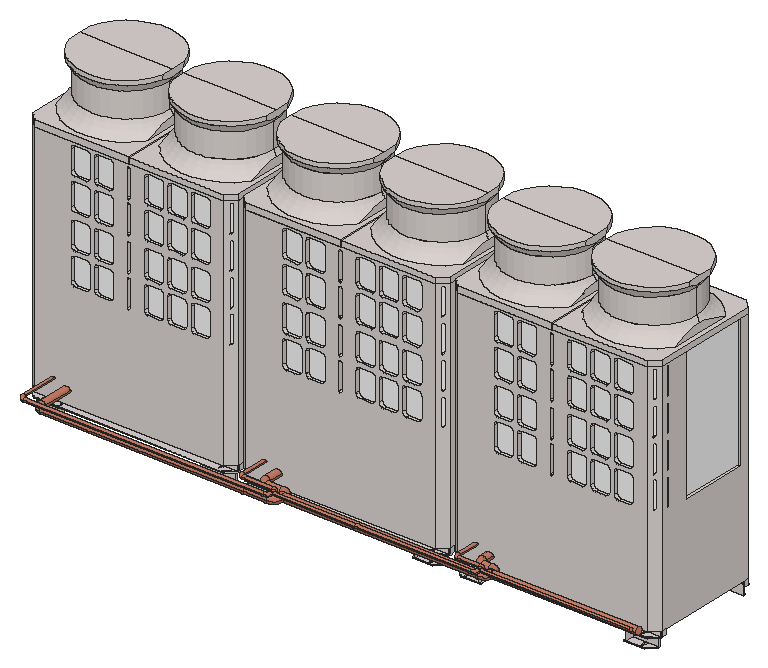
Revit family "PUHY-EP1300YSNW-A1", category 機械設備, Revit 2016
Family settings
  パーツ タイプ = 標準
  丸型コネクタ寸法 = 半径を使用
  OmniClass 番号 = 23.75.00.00
  OmniClass タイトル = Climate Control (HVAC)
  作業面に基づく = いいえ
  常に垂直 = はい
  ロード時にボイドで切り取り = いいえ
  共有 = いいえ
  部屋の計算ポイント = いいえ
Parameters (values of type "PUHY-EP1300YSNW-A1_415V_60Hz")
  Temp. range of cooling (Outdoor temp.) (D.B.) = "-5.0 to 52.0"
  Temp. range of cooling (Indoor temp.) (W.B.) = "15.0 to 24.0"
  Sound Pressure Level (dB(A)) Heating mode = 73.5
  Sound Pressure Level (dB(A)) Cooling mode = 70
  モデル = "PUHY-EP1300YSNW-A1"
  Width = 3780.000 mm
  WarrantyStart = ""
  Voltage = 415 V
  Unit Weight (kg) = 909
  URL = "http://www.mitsubishielectric.com/"
  Temp. range of heating (Outdoor temp.) (W.B.) = "-20.0 to 15.5"
  Temp. range of heating (Indoor temp.) (D.B.) = "15.0 to 27.0"
  TagNumber = 0
  Subcategory = "HVAC"
  Space View = yes
  SerialNumber = 0
  ReplacementYear = ""
  Refrigerant type = "R410A"
  Refrigerant Charge (kg) = 32.4
  Protection Devices_Inverter circuit (COMP./FAN) = "Over-current protection"
  Protection Devices_High pressure (MPa) = "High pressure sensor, High pressure switch at 4.15"
  Phase = 3
  製造元 = "Mitsubishi Electric Corporation"
  Outdoor unit 3 Breaker size (A) = 60
  Outdoor unit 3 = PUHY-EP400YNW-A1 : PUHY-EP400YNW-A1
  Outdoor unit 2 Breaker size (A) = 60
  Outdoor unit 2 = PUHY-EP450YNW-A1 : PUHY-EP450YNW-A1
  Outdoor unit 1 Breaker size (A) = 60
  Outdoor unit 1 = PUHY-EP450YNW-A1 : PUHY-EP450YNW-A1
  Note_1 = "Refrigerant pipe diameters may change depending on the installation condition. Please refer to the installation manual."
  Maximum Circuit Ampacity (A) = 95.6
  Liquid pipe_radius = 9.525 mm
  InstallationDate = ""
  Indoor Unit Total Capacity = "50 to 130% of outdoor unit capacity"
  Indoor Unit Model/Quantity = "P10 to P250/3 to 50"
  Hertz = 60 Hz
  Height = 1858.000 mm
  Heating SCOP (kW/kW) = 4.16
  Heating Rated Load Ampacity (A) = 62.9
  Heating Power Input (kW) = 40.75
  Heating Power Input (Nominal) (kW) = 34.11
  Heating Current Input (Nominal) (A) = 52.7
  Heating Current Input (A) = 62.9
  Heating Capacity (kW) = 163
  Heating Capacity (Nominal) (kW) = 146
  Heating COP (kW/kW) = 4
  Heating COP (Nominal) (kW/kW) = 4.28
  Gas pipe_radius = 20.640 mm
  Fan_Type = "Propeller Fan"
  Fan_Quantity = 6
  Fan Motor Output (kW) = 2.76
  External static pressure (Pa) = 0
  External Finish = "Pre-coated galvanized steel sheets (+powder coating for -BS type) <MUNSELL 3Y 7.8/1.1 or similar>"
  Equip_description = ""
  Equip_No. = 0
  Equip_ID = ""
  Description = ""
  Depth = 740.000 mm
  CreatedOn = ""
  CreatedBy = ""
  Cooling SEER (kW/kW) = 6.9
  Cooling Rated Load Ampacity (A) = 64.4
  Cooling Power Input (kW) = 41.71
  Cooling EER (kW/kW) = 3.5
  Cooling Current Input (A) = 64.4
  Cooling Capacity (kW) = 146
  Compressor_Type = "Inverter scroll hermetic compressor"
  Compressor_Quantity = 3
  Compressor_Lubricant = "MEL32"
  Compressor Motor Output (kW) = 32
  Category = ""
  Barcode = ""
  AssetIdentifier = ""
  Airflow Rate (m3/min) = 880
  Airflow Rate (m3/h) = 52800
Reference planes
  plane 1 "Center (Front/Back)": y = 0
  plane 2: z = 0
  plane 3 "Center (Left/Right)": x = 0
  plane 4: y = 370
  plane 5 "front": y = -370
  plane 6: x = -1890
  plane 7: x = 1890
  plane 8: x = -620
  plane 9: x = 620
  plane 10: x = -650
  plane 11: x = 650
  plane 12: y = 370
  plane 13: y = -370
  plane 14: z = 1858
  plane 15: x = -1647
  plane 16: x = -1730.603
  plane 17: x = -377
  plane 18: x = -460
  plane 19: x = 893
  plane 20: x = 810
Forms (mm)
  Sweep 1, solid, material "Copper"
    path origin (-51.563, 17.925, 207.255) x (0, -1, 0) y (1, 0, 0)
      loop
        line (380, -1679.039) -> (605, -1679.039)
        arc (605, -1679.039) -> (626.213, -1670.253) -> (635, -1649.039) r 30
        line (635, -1649.039) -> (635, -208.337)
        arc (635, -208.337) -> (629.142, -194.195) -> (615, -188.337) r 20
        line (615, -188.337) -> (590, -188.337)
        arc (590, -188.337) -> (575.858, -194.195) -> (570, -208.337) r 20
        line (570, -208.337) -> (570, -388.437)
        arc (570, -388.437) -> (564.142, -402.579) -> (550, -408.437) r 20
        line (550, -408.437) -> (380, -408.437)
    profile origin (-1730.603, -474.575, 207.255) x (1, 0, 0) y (0, 0, 1)
      loop
        circle (0, 0) r 9.525
  Sweep 2, solid, material "Copper"
    path origin (-48.859, 17.925, 173.255) x (-1, 0, 0) y (0, -1, 0)
      loop
        line (1598.141, 380) -> (1598.141, 575)
        arc (1598.141, 575) -> (1587.889, 599.749) -> (1563.141, 610) r 35
        line (1563.141, 610) -> (342, 610) -> (204.723, 610)
        arc (204.723, 610) -> (179.974, 599.749) -> (169.723, 575) r 35
        line (169.723, 575) -> (169.723, 545)
        arc (169.723, 545) -> (179.974, 520.251) -> (204.723, 510) r 35
        line (204.723, 510) -> (293.141, 510)
        arc (293.141, 510) -> (317.889, 499.749) -> (328.141, 475) r 35
        line (328.141, 475) -> (328.141, 380)
    profile origin (-1647, -459.575, 173.255) x (1, 0, 0) y (0, 0, 1)
      loop
        circle (0, 0) r 20.64
  Sweep 3, solid, material "Copper"
    path origin (214.685, 17.925, 207.255) x (0, -1, 0) y (1, 0, 0)
      loop
        line (605, -448.702) -> (605, 51.298) -> (605, 745.315)
        arc (605, 745.315) -> (599.142, 759.457) -> (585, 765.315) r 20
        line (585, 765.315) -> (560.96, 765.315)
        arc (560.96, 765.315) -> (546.818, 759.457) -> (540.96, 745.315) r 20
        line (540.96, 745.315) -> (540.96, 615.315)
        arc (540.96, 615.315) -> (535.102, 601.172) -> (520.96, 595.315) r 20
        line (520.96, 595.315) -> (380, 595.315)
    profile origin (15.984, -587.075, 207.255) x (0, 1, 0) y (0, 0, 1)
      loop
        circle (0, 0) r 9.525
  Sweep 4, solid, material "Copper"
    path origin (188.125, 17.925, 173.255) x (-1, 0, 0) y (0, -1, 0)
      loop
        line (395.125, 555.96) -> (-784.875, 555.96)
        arc (-784.875, 555.96) -> (-809.623, 545.709) -> (-819.875, 520.96) r 35
        line (-819.875, 520.96) -> (-819.875, 510)
        arc (-819.875, 510) -> (-809.623, 485.251) -> (-784.875, 475) r 35
        line (-784.875, 475) -> (-739.875, 475)
        arc (-739.875, 475) -> (-715.126, 464.749) -> (-704.875, 440) r 35
        line (-704.875, 440) -> (-704.875, 380)
    profile origin (383, -538.035, 173.255) x (0, 1, 0) y (0, 0, 1)
      loop
        circle (0, 0) r 20.64
  Sweep 5, solid, material "Copper"
    path origin (114.685, 17.925, 207.255) x (0, -1, 0) y (1, 0, 0)
      loop
        line (572.806, 870.315) -> (572.806, 1775.315)
    profile origin (1437.5, -554.881, 207.255) x (0, 1, 0) y (0, 0, 1)
      loop
        circle (0, 0) r 9.525
  Sweep 6, solid, material "Copper"
    path origin (88.125, 17.925, 173.255) x (-1, 0, 0) y (0, -1, 0)
      loop
        line (-921.875, 515.995) -> (-1801.875, 515.995)
    profile origin (1450, -498.07, 173.255) x (0, 1, 0) y (0, 0, 1)
      loop
        circle (0, 0) r 20.64
Dimensions and locks
  nested 2 to nested 1 = 30.000 mm
  nested 1 to nested 1 = 1240.000 mm
  nested 2 to nested 2 = 1240.000 mm
  plane 6 to plane 3 "Center (Left/Right)" to plane 7 = 1890.000 mm, 1890.000 mm
  "Liquid pipe_radius": radius of Sweep 5 sketch curve
  "Gas pipe_radius": radius of Sweep 6 sketch curve
  aligned and locked: level to plane 2
Automatic sketch dimensions
  Sweep 1 sketch curve to plane 5 "front" = 7.925 mm  (x2)
  plane 5 "front" to Sweep 1 sketch curve = 162.075 mm
  Sweep 1 sketch curve to plane 3 "Center (Left/Right)" = 259.900 mm
  Sweep 1 sketch curve to Sweep 1 sketch curve = 20.000 mm
  Sweep 1 sketch curve to plane 3 "Center (Left/Right)" = 239.900 mm
  plane 5 "front" to Sweep 1 sketch curve = 217.075 mm
  Sweep 1 sketch curve to Sweep 1 sketch curve = 25.000 mm
  Sweep 1 sketch curve to Sweep 1 sketch curve = 30.000 mm
  Sweep 1 sketch curve to plane 3 "Center (Left/Right)" = 440.000 mm
  profile plane to Sweep 1 sketch curve = 0.000 mm
  Sweep 1 sketch curve to profile plane = 0.000 mm
  Sweep 2 sketch curve to plane 3 "Center (Left/Right)" = 218.582 mm
  Sweep 2 sketch curve to plane 3 "Center (Left/Right)" = 253.582 mm  (x2)
  Sweep 2 sketch curve to plane 3 "Center (Left/Right)" = 342.000 mm
  Sweep 2 sketch curve to plane 3 "Center (Left/Right)" = 390.859 mm
  Sweep 2 sketch curve to Sweep 2 sketch curve = 35.000 mm  (x2)
  plane 5 "front" to Sweep 2 sketch curve = 222.075 mm
  Sweep 2 sketch curve to Sweep 2 sketch curve = 30.000 mm
  Sweep 2 sketch curve to plane 5 "front" = 7.925 mm  (x2)
  profile plane to Sweep 2 sketch curve = 0.000 mm
  Sweep 2 sketch curve to profile plane = 0.000 mm
  Sweep 3 sketch curve to profile plane = 0.000 mm  (x2)
  Sweep 4 sketch curve to profile plane = 0.000 mm  (x2)
  Sweep 1 sketch curve to Sweep 1 sketch curve = 1240.603 mm
  Sweep 2 sketch curve to Sweep 2 sketch curve = 1235.000 mm
  Sweep 3 sketch curve to plane 20 = 0.000 mm
  Sweep 3 sketch curve to plane 5 "front" = 7.925 mm
  plane 20 to Sweep 3 sketch curve = 20.000 mm
  plane 5 "front" to Sweep 3 sketch curve = 133.035 mm
  Sweep 3 sketch curve to Sweep 3 sketch curve = 20.000 mm
  Sweep 3 sketch curve to Sweep 3 sketch curve = 24.040 mm
  plane 5 "front" to Sweep 3 sketch curve = 217.075 mm
  plane 3 "Center (Left/Right)" to Sweep 3 sketch curve = 265.984 mm
  plane 17 to Sweep 3 sketch curve = 142.984 mm
  plane 19 to Sweep 3 sketch curve = 67.000 mm
  Sweep 4 sketch curve to plane 19 = 0.000 mm
  plane 19 to Sweep 4 sketch curve = 35.000 mm
  Sweep 4 sketch curve to Sweep 4 sketch curve = 45.000 mm
  Sweep 4 sketch curve to Sweep 4 sketch curve = 0.000 mm
  Sweep 4 sketch curve to Sweep 4 sketch curve = 35.000 mm
  plane 17 to Sweep 4 sketch curve = 170.000 mm
  Sweep 4 sketch curve to plane 5 "front" = 7.925 mm
  plane 5 "front" to Sweep 4 sketch curve = 52.075 mm
  Sweep 4 sketch curve to Sweep 4 sketch curve = 10.960 mm
  Sweep 6 sketch curve to plane 7 = 0.000 mm
  plane 19 to Sweep 6 sketch curve = 117.000 mm
  plane 5 "front" to Sweep 6 sketch curve = 128.070 mm
  Sweep 5 sketch curve to plane 7 = 0.000 mm
  plane 5 "front" to Sweep 5 sketch curve = 184.881 mm
  plane 19 to Sweep 5 sketch curve = 92.000 mm
  Sweep 5 sketch curve to profile plane = 0.000 mm  (x2)
  Sweep 6 sketch curve to profile plane = 0.000 mm  (x2)
  radius of Sweep 1 sketch curve = 9.525 mm
  radius of Sweep 2 sketch curve = 20.640 mm
  radius of Sweep 3 sketch curve = 9.525 mm
  radius of Sweep 4 sketch curve = 20.640 mm
Nested families
  nested 1: "PUHY-EP450YNW-A1" at (0, 0, 0), type <- "Outdoor unit 2", type "PUHY-EP450YNW-A1"
  nested 2: "PUHY-EP450YNW-A1" at (-1270, 0, 0), type <- "Outdoor unit 1", type "PUHY-EP450YNW-A1"
  nested 3: "PUHY-EP400YNW-A1" at (1270, 0, 0), type <- "Outdoor unit 3", type "PUHY-EP400YNW-A1"
Connectors
  piping at (1890, -498.07, 173.255), diameter 41.28, driven by "Gas pipe_radius"
    settings: on Sweep 6, index 1, connector inside diameter 41.28 mm, connector length 0.000 mm, flow factor 0, pipe flow 0.0 L/s, pressure drop 0.0 Pa, fitting loss kfactor 0, connector angle 0.00°, fixture units 0, engagement length 0.000 mm, angle of deflection 0.00°, flow configuration 0, flow direction 0, fitting loss method 0, system type 22, joint type 0, gender type 0, connector reference index -1, connector utility 0, adjustable connector no, is connector primary yes, connector description "Indoor unit-Twinning pipe(Gas)"
  piping at (1890, -554.881, 207.255), diameter 19.05, driven by "Liquid pipe_radius"
    settings: on Sweep 5, index 2, connector inside diameter 19.05 mm, connector length 0.000 mm, flow factor 0, pipe flow 0.0 L/s, pressure drop 0.0 Pa, fitting loss kfactor 0, connector angle 0.00°, fixture units 0, engagement length 0.000 mm, angle of deflection 0.00°, flow configuration 0, flow direction 0, fitting loss method 0, system type 22, joint type 0, gender type 0, connector reference index -1, connector utility 0, adjustable connector no, is connector primary no, connector description "Indoor unit-Twinning pipe(Liquid)"
  electrical at (992, -370, 279), driven by "Phase", driven by "Voltage"
    settings: index 3, voltage 415 V, apparent load 0 VA, apparent load phase1 0 VA, apparent load phase2 0 VA, apparent load phase3 0 VA, power factor 1, load classification "HVAC", number of poles 3, system type 30, power factor state 1, is connector primary yes, connector utility no, sub classification motor no, connector description ""
  electrical at (-258, -370, 279), driven by "Phase", driven by "Voltage"
    settings: index 4, voltage 415 V, apparent load 0 VA, apparent load phase1 0 VA, apparent load phase2 0 VA, apparent load phase3 0 VA, power factor 1, load classification "HVAC", number of poles 3, system type 30, power factor state 1, is connector primary no, connector utility no, sub classification motor no, connector description ""
  electrical at (-1508, -370, 279), driven by "Phase", driven by "Voltage"
    settings: index 5, voltage 415 V, apparent load 0 VA, apparent load phase1 0 VA, apparent load phase2 0 VA, apparent load phase3 0 VA, power factor 1, load classification "HVAC", number of poles 3, system type 30, power factor state 1, is connector primary no, connector utility no, sub classification motor no, connector description ""
Definition of nested family "PUHY-EP450YNW-A1"
  Parameters
    Model = "PUHY-P400YNW-A"
    URL = "http://www.mitsubishielectric.com/"
    Manufacturer = "Mitsubishi Electric Corporation"
    Liquid pipe_radius = 12.700 mm
    Gas pipe_radius = 14.290 mm
  Reference planes
    plane 1 "Center (Front/Back)": y = 0
    plane 2: z = 0
    plane 3 "Center (Left/Right)": x = 0
    plane 4: y = 370
    plane 5: z = 1858
    plane 6: y = -260
    plane 7: y = -204
    plane 8: y = -185
    plane 9: x = -620
    plane 10: x = 620
    plane 11: x = -620
    plane 12: z = 716
    plane 13: x = -524
    plane 14: z = 669
    plane 15: x = -50.5
    plane 16: x = 51
    plane 17: x = 489
    plane 18: x = 467
    plane 19 "132": x = 488
    plane 20 "100": z = 160
    plane 21: z = 185
    plane 22: x = 413
    plane 23: x = 364
    plane 24: z = 150
    plane 25: x = -287.25
    plane 26: x = -137.25
    plane 27: x = -272.25
    plane 28: y = -278
    plane 29: z = 1509
    plane 30: y = -370
    plane 31: x = -530
    plane 32: x = 530
    plane 33 "179": y = -191
  Forms (mm)
    Extrusion 1, solid
      sketch origin (-1, 0, 113) x (-1, 0, 0) y (0, -1, 0)
        loop
          line (569, -370) -> (619, -320) -> (619, 320) -> (569, 370) -> (-571, 370) -> (-621, 320) -> (-621, -320) -> (-571, -370) -> (569, -370)
      from -18 to 1408
    Extrusion 2, void
      sketch origin (524, -370, 113) x (1, 0, 0) y (0, 0, -1)
        loop
          arc (-60.8, -1393.5) -> (-42.557, -1385.943) -> (-35, -1367.7) r 25.8
          line (-35, -1367.7) -> (-35, -1248.5)
          arc (-35, -1248.5) -> (-42.557, -1230.257) -> (-60.8, -1222.7) r 25.8
          line (-60.8, -1222.7) -> (-126, -1222.7)
          arc (-126, -1222.7) -> (-144.243, -1230.257) -> (-151.8, -1248.5) r 25.8
          line (-151.8, -1248.5) -> (-151.8, -1367.7)
          arc (-151.8, -1367.7) -> (-144.243, -1385.943) -> (-126, -1393.5) r 25.8
          line (-126, -1393.5) -> (-60.8, -1393.5)
      from 0 to 20
    Extrusion 3, void
      sketch origin (524, -370, -81) x (1, 0, 0) y (0, 0, -1)
        loop
          arc (-60.8, -1393.5) -> (-42.557, -1385.943) -> (-35, -1367.7) r 25.8
          line (-35, -1367.7) -> (-35, -1248.5)
          arc (-35, -1248.5) -> (-42.557, -1230.257) -> (-60.8, -1222.7) r 25.8
          line (-60.8, -1222.7) -> (-126, -1222.7)
          arc (-126, -1222.7) -> (-144.243, -1230.257) -> (-151.8, -1248.5) r 25.8
          line (-151.8, -1248.5) -> (-151.8, -1367.7)
          arc (-151.8, -1367.7) -> (-144.243, -1385.943) -> (-126, -1393.5) r 25.8
          line (-126, -1393.5) -> (-60.8, -1393.5)
      from 0 to 20
    Extrusion 4, void
      sketch origin (524, -370, -287) x (1, 0, 0) y (0, 0, -1)
        loop
          arc (-60.8, -1393.5) -> (-42.557, -1385.943) -> (-35, -1367.7) r 25.8
          line (-35, -1367.7) -> (-35, -1248.5)
          arc (-35, -1248.5) -> (-42.557, -1230.257) -> (-60.8, -1222.7) r 25.8
          line (-60.8, -1222.7) -> (-126, -1222.7)
          arc (-126, -1222.7) -> (-144.243, -1230.257) -> (-151.8, -1248.5) r 25.8
          line (-151.8, -1248.5) -> (-151.8, -1367.7)
          arc (-151.8, -1367.7) -> (-144.243, -1385.943) -> (-126, -1393.5) r 25.8
          line (-126, -1393.5) -> (-60.8, -1393.5)
      from 0 to 20
    Extrusion 5, void
      sketch origin (524, -370, -481) x (1, 0, 0) y (0, 0, -1)
        loop
          arc (-60.8, -1393.5) -> (-42.557, -1385.943) -> (-35, -1367.7) r 25.8
          line (-35, -1367.7) -> (-35, -1248.5)
          arc (-35, -1248.5) -> (-42.557, -1230.257) -> (-60.8, -1222.7) r 25.8
          line (-60.8, -1222.7) -> (-126, -1222.7)
          arc (-126, -1222.7) -> (-144.243, -1230.257) -> (-151.8, -1248.5) r 25.8
          line (-151.8, -1248.5) -> (-151.8, -1367.7)
          arc (-151.8, -1367.7) -> (-144.243, -1385.943) -> (-126, -1393.5) r 25.8
          line (-126, -1393.5) -> (-60.8, -1393.5)
      from 0 to 20
    Extrusion 6, void
      sketch origin (384, -370, 113) x (1, 0, 0) y (0, 0, -1)
        loop
          arc (-60.8, -1393.5) -> (-42.557, -1385.943) -> (-35, -1367.7) r 25.8
          line (-35, -1367.7) -> (-35, -1248.5)
          arc (-35, -1248.5) -> (-42.557, -1230.257) -> (-60.8, -1222.7) r 25.8
          line (-60.8, -1222.7) -> (-126, -1222.7)
          arc (-126, -1222.7) -> (-144.243, -1230.257) -> (-151.8, -1248.5) r 25.8
          line (-151.8, -1248.5) -> (-151.8, -1367.7)
          arc (-151.8, -1367.7) -> (-144.243, -1385.943) -> (-126, -1393.5) r 25.8
          line (-126, -1393.5) -> (-60.8, -1393.5)
      from 0 to 20
    Extrusion 7, void
      sketch origin (384, -370, -81) x (1, 0, 0) y (0, 0, -1)
        loop
          arc (-60.8, -1393.5) -> (-42.557, -1385.943) -> (-35, -1367.7) r 25.8
          line (-35, -1367.7) -> (-35, -1248.5)
          arc (-35, -1248.5) -> (-42.557, -1230.257) -> (-60.8, -1222.7) r 25.8
          line (-60.8, -1222.7) -> (-126, -1222.7)
          arc (-126, -1222.7) -> (-144.243, -1230.257) -> (-151.8, -1248.5) r 25.8
          line (-151.8, -1248.5) -> (-151.8, -1367.7)
          arc (-151.8, -1367.7) -> (-144.243, -1385.943) -> (-126, -1393.5) r 25.8
          line (-126, -1393.5) -> (-60.8, -1393.5)
      from 0 to 20
    Extrusion 8, void
      sketch origin (384, -370, -287) x (1, 0, 0) y (0, 0, -1)
        loop
          arc (-60.8, -1393.5) -> (-42.557, -1385.943) -> (-35, -1367.7) r 25.8
          line (-35, -1367.7) -> (-35, -1248.5)
          arc (-35, -1248.5) -> (-42.557, -1230.257) -> (-60.8, -1222.7) r 25.8
          line (-60.8, -1222.7) -> (-126, -1222.7)
          arc (-126, -1222.7) -> (-144.243, -1230.257) -> (-151.8, -1248.5) r 25.8
          line (-151.8, -1248.5) -> (-151.8, -1367.7)
          arc (-151.8, -1367.7) -> (-144.243, -1385.943) -> (-126, -1393.5) r 25.8
          line (-126, -1393.5) -> (-60.8, -1393.5)
      from 0 to 20
    Extrusion 9, void
      sketch origin (384, -370, -481) x (1, 0, 0) y (0, 0, -1)
        loop
          arc (-60.8, -1393.5) -> (-42.557, -1385.943) -> (-35, -1367.7) r 25.8
          line (-35, -1367.7) -> (-35, -1248.5)
          arc (-35, -1248.5) -> (-42.557, -1230.257) -> (-60.8, -1222.7) r 25.8
          line (-60.8, -1222.7) -> (-126, -1222.7)
          arc (-126, -1222.7) -> (-144.243, -1230.257) -> (-151.8, -1248.5) r 25.8
          line (-151.8, -1248.5) -> (-151.8, -1367.7)
          arc (-151.8, -1367.7) -> (-144.243, -1385.943) -> (-126, -1393.5) r 25.8
          line (-126, -1393.5) -> (-60.8, -1393.5)
      from 0 to 20
    Extrusion 10, void
      sketch origin (244, -370, 113) x (1, 0, 0) y (0, 0, -1)
        loop
          arc (-60.8, -1393.5) -> (-42.557, -1385.943) -> (-35, -1367.7) r 25.8
          line (-35, -1367.7) -> (-35, -1248.5)
          arc (-35, -1248.5) -> (-42.557, -1230.257) -> (-60.8, -1222.7) r 25.8
          line (-60.8, -1222.7) -> (-126, -1222.7)
          arc (-126, -1222.7) -> (-144.243, -1230.257) -> (-151.8, -1248.5) r 25.8
          line (-151.8, -1248.5) -> (-151.8, -1367.7)
          arc (-151.8, -1367.7) -> (-144.243, -1385.943) -> (-126, -1393.5) r 25.8
          line (-126, -1393.5) -> (-60.8, -1393.5)
      from 0 to 20
    Extrusion 11, void
      sketch origin (244, -370, -81) x (1, 0, 0) y (0, 0, -1)
        loop
          arc (-60.8, -1393.5) -> (-42.557, -1385.943) -> (-35, -1367.7) r 25.8
          line (-35, -1367.7) -> (-35, -1248.5)
          arc (-35, -1248.5) -> (-42.557, -1230.257) -> (-60.8, -1222.7) r 25.8
          line (-60.8, -1222.7) -> (-126, -1222.7)
          arc (-126, -1222.7) -> (-144.243, -1230.257) -> (-151.8, -1248.5) r 25.8
          line (-151.8, -1248.5) -> (-151.8, -1367.7)
          arc (-151.8, -1367.7) -> (-144.243, -1385.943) -> (-126, -1393.5) r 25.8
          line (-126, -1393.5) -> (-60.8, -1393.5)
      from 0 to 20
    Extrusion 12, void
      sketch origin (244, -370, -287) x (1, 0, 0) y (0, 0, -1)
        loop
          arc (-60.8, -1393.5) -> (-42.557, -1385.943) -> (-35, -1367.7) r 25.8
          line (-35, -1367.7) -> (-35, -1248.5)
          arc (-35, -1248.5) -> (-42.557, -1230.257) -> (-60.8, -1222.7) r 25.8
          line (-60.8, -1222.7) -> (-126, -1222.7)
          arc (-126, -1222.7) -> (-144.243, -1230.257) -> (-151.8, -1248.5) r 25.8
          line (-151.8, -1248.5) -> (-151.8, -1367.7)
          arc (-151.8, -1367.7) -> (-144.243, -1385.943) -> (-126, -1393.5) r 25.8
          line (-126, -1393.5) -> (-60.8, -1393.5)
      from 0 to 20
    Extrusion 13, void
      sketch origin (244, -370, -481) x (1, 0, 0) y (0, 0, -1)
        loop
          arc (-60.8, -1393.5) -> (-42.557, -1385.943) -> (-35, -1367.7) r 25.8
          line (-35, -1367.7) -> (-35, -1248.5)
          arc (-35, -1248.5) -> (-42.557, -1230.257) -> (-60.8, -1222.7) r 25.8
          line (-60.8, -1222.7) -> (-126, -1222.7)
          arc (-126, -1222.7) -> (-144.243, -1230.257) -> (-151.8, -1248.5) r 25.8
          line (-151.8, -1248.5) -> (-151.8, -1367.7)
          arc (-151.8, -1367.7) -> (-144.243, -1385.943) -> (-126, -1393.5) r 25.8
          line (-126, -1393.5) -> (-60.8, -1393.5)
      from 0 to 20
    Extrusion 14, void
      sketch origin (-56, -370, 113) x (1, 0, 0) y (0, 0, -1)
        loop
          arc (-60.8, -1393.5) -> (-42.557, -1385.943) -> (-35, -1367.7) r 25.8
          line (-35, -1367.7) -> (-35, -1248.5)
          arc (-35, -1248.5) -> (-42.557, -1230.257) -> (-60.8, -1222.7) r 25.8
          line (-60.8, -1222.7) -> (-126, -1222.7)
          arc (-126, -1222.7) -> (-144.243, -1230.257) -> (-151.8, -1248.5) r 25.8
          line (-151.8, -1248.5) -> (-151.8, -1367.7)
          arc (-151.8, -1367.7) -> (-144.243, -1385.943) -> (-126, -1393.5) r 25.8
          line (-126, -1393.5) -> (-60.8, -1393.5)
      from 0 to 20
    Extrusion 15, void
      sketch origin (-56, -370, -81) x (1, 0, 0) y (0, 0, -1)
        loop
          arc (-60.8, -1393.5) -> (-42.557, -1385.943) -> (-35, -1367.7) r 25.8
          line (-35, -1367.7) -> (-35, -1248.5)
          arc (-35, -1248.5) -> (-42.557, -1230.257) -> (-60.8, -1222.7) r 25.8
          line (-60.8, -1222.7) -> (-126, -1222.7)
          arc (-126, -1222.7) -> (-144.243, -1230.257) -> (-151.8, -1248.5) r 25.8
          line (-151.8, -1248.5) -> (-151.8, -1367.7)
          arc (-151.8, -1367.7) -> (-144.243, -1385.943) -> (-126, -1393.5) r 25.8
          line (-126, -1393.5) -> (-60.8, -1393.5)
      from 0 to 20
    Extrusion 16, void
      sketch origin (-56, -370, -287) x (1, 0, 0) y (0, 0, -1)
        loop
          arc (-60.8, -1393.5) -> (-42.557, -1385.943) -> (-35, -1367.7) r 25.8
          line (-35, -1367.7) -> (-35, -1248.5)
          arc (-35, -1248.5) -> (-42.557, -1230.257) -> (-60.8, -1222.7) r 25.8
          line (-60.8, -1222.7) -> (-126, -1222.7)
          arc (-126, -1222.7) -> (-144.243, -1230.257) -> (-151.8, -1248.5) r 25.8
          line (-151.8, -1248.5) -> (-151.8, -1367.7)
          arc (-151.8, -1367.7) -> (-144.243, -1385.943) -> (-126, -1393.5) r 25.8
          line (-126, -1393.5) -> (-60.8, -1393.5)
      from 0 to 20
    Extrusion 17, void
      sketch origin (-56, -370, -481) x (1, 0, 0) y (0, 0, -1)
        loop
          arc (-60.8, -1393.5) -> (-42.557, -1385.943) -> (-35, -1367.7) r 25.8
          line (-35, -1367.7) -> (-35, -1248.5)
          arc (-35, -1248.5) -> (-42.557, -1230.257) -> (-60.8, -1222.7) r 25.8
          line (-60.8, -1222.7) -> (-126, -1222.7)
          arc (-126, -1222.7) -> (-144.243, -1230.257) -> (-151.8, -1248.5) r 25.8
          line (-151.8, -1248.5) -> (-151.8, -1367.7)
          arc (-151.8, -1367.7) -> (-144.243, -1385.943) -> (-126, -1393.5) r 25.8
          line (-126, -1393.5) -> (-60.8, -1393.5)
      from 0 to 20
    Extrusion 18, void
      sketch origin (-196, -370, 113) x (1, 0, 0) y (0, 0, -1)
        loop
          arc (-60.8, -1393.5) -> (-42.557, -1385.943) -> (-35, -1367.7) r 25.8
          line (-35, -1367.7) -> (-35, -1248.5)
          arc (-35, -1248.5) -> (-42.557, -1230.257) -> (-60.8, -1222.7) r 25.8
          line (-60.8, -1222.7) -> (-126, -1222.7)
          arc (-126, -1222.7) -> (-144.243, -1230.257) -> (-151.8, -1248.5) r 25.8
          line (-151.8, -1248.5) -> (-151.8, -1367.7)
          arc (-151.8, -1367.7) -> (-144.243, -1385.943) -> (-126, -1393.5) r 25.8
          line (-126, -1393.5) -> (-60.8, -1393.5)
      from 0 to 20
    Extrusion 19, void
      sketch origin (-196, -370, -81) x (1, 0, 0) y (0, 0, -1)
        loop
          arc (-60.8, -1393.5) -> (-42.557, -1385.943) -> (-35, -1367.7) r 25.8
          line (-35, -1367.7) -> (-35, -1248.5)
          arc (-35, -1248.5) -> (-42.557, -1230.257) -> (-60.8, -1222.7) r 25.8
          line (-60.8, -1222.7) -> (-126, -1222.7)
          arc (-126, -1222.7) -> (-144.243, -1230.257) -> (-151.8, -1248.5) r 25.8
          line (-151.8, -1248.5) -> (-151.8, -1367.7)
          arc (-151.8, -1367.7) -> (-144.243, -1385.943) -> (-126, -1393.5) r 25.8
          line (-126, -1393.5) -> (-60.8, -1393.5)
      from 0 to 20
    Extrusion 20, void
      sketch origin (-196, -370, -287) x (1, 0, 0) y (0, 0, -1)
        loop
          arc (-60.8, -1393.5) -> (-42.557, -1385.943) -> (-35, -1367.7) r 25.8
          line (-35, -1367.7) -> (-35, -1248.5)
          arc (-35, -1248.5) -> (-42.557, -1230.257) -> (-60.8, -1222.7) r 25.8
          line (-60.8, -1222.7) -> (-126, -1222.7)
          arc (-126, -1222.7) -> (-144.243, -1230.257) -> (-151.8, -1248.5) r 25.8
          line (-151.8, -1248.5) -> (-151.8, -1367.7)
          arc (-151.8, -1367.7) -> (-144.243, -1385.943) -> (-126, -1393.5) r 25.8
          line (-126, -1393.5) -> (-60.8, -1393.5)
      from 0 to 20
    Extrusion 21, void
      sketch origin (-196, -370, -481) x (1, 0, 0) y (0, 0, -1)
        loop
          arc (-60.8, -1393.5) -> (-42.557, -1385.943) -> (-35, -1367.7) r 25.8
          line (-35, -1367.7) -> (-35, -1248.5)
          arc (-35, -1248.5) -> (-42.557, -1230.257) -> (-60.8, -1222.7) r 25.8
          line (-60.8, -1222.7) -> (-126, -1222.7)
          arc (-126, -1222.7) -> (-144.243, -1230.257) -> (-151.8, -1248.5) r 25.8
          line (-151.8, -1248.5) -> (-151.8, -1367.7)
          arc (-151.8, -1367.7) -> (-144.243, -1385.943) -> (-126, -1393.5) r 25.8
          line (-126, -1393.5) -> (-60.8, -1393.5)
      from 0 to 20
    Extrusion 22, void
      sketch origin (620, 320, 113) x (0, 1, 0) y (0, 0, -1)
        loop
          line (-462.3, -1408) -> (-50.8, -1408) -> (-50.8, -612) -> (-462.3, -612) -> (-462.3, -1408)
      from 0 to 20
    Extrusion 23, void
      sketch origin (-620, -320, 113) x (0, -1, 0) y (0, 0, -1)
        loop
          line (-535.7, -1408) -> (-207.7, -1408) -> (-207.7, -592) -> (-535.7, -592) -> (-535.7, -1408)
      from 0 to 20
    Extrusion 24, void
      sketch origin (194.892, 370, 113) x (-1, 0, 0) y (0, 0, -1)
        loop
          arc (204.892, -1225.013) -> (194.892, -1215.013) -> (184.892, -1225.013) r 10
          line (184.892, -1225.013) -> (184.892, -1379.987)
          arc (184.892, -1379.987) -> (194.892, -1389.987) -> (204.892, -1379.987) r 10
          line (204.892, -1379.987) -> (204.892, -1225.013)
        loop
          arc (204.892, -1031.013) -> (194.892, -1021.013) -> (184.892, -1031.013) r 10
          line (184.892, -1031.013) -> (184.892, -1185.987)
          arc (184.892, -1185.987) -> (194.892, -1195.987) -> (204.892, -1185.987) r 10
          line (204.892, -1185.987) -> (204.892, -1031.013)
        loop
          arc (204.892, -825.013) -> (194.892, -815.013) -> (184.892, -825.013) r 10
          line (184.892, -825.013) -> (184.892, -979.987)
          arc (184.892, -979.987) -> (194.892, -989.987) -> (204.892, -979.987) r 10
          line (204.892, -979.987) -> (204.892, -825.013)
        loop
          arc (204.892, -631.013) -> (194.892, -621.013) -> (184.892, -631.013) r 10
          line (184.892, -631.013) -> (184.892, -785.987)
          arc (184.892, -785.987) -> (194.892, -795.987) -> (204.892, -785.987) r 10
          line (204.892, -785.987) -> (204.892, -631.013)
      from 0 to 20
    Extrusion 25, void
      sketch origin (-570, 370, 113) x (0.707107, 0.707107, 0) y (0, 0, 1)
        loop
          arc (-45.355, 1236) -> (-35.355, 1226) -> (-25.355, 1236) r 10
          line (-25.355, 1236) -> (-25.355, 1386)
          arc (-25.355, 1386) -> (-35.355, 1396) -> (-45.355, 1386) r 10
          line (-45.355, 1386) -> (-45.355, 1236)
        loop
          arc (-45.355, 1036) -> (-35.355, 1026) -> (-25.355, 1036) r 10
          line (-25.355, 1036) -> (-25.355, 1186)
          arc (-25.355, 1186) -> (-35.355, 1196) -> (-45.355, 1186) r 10
          line (-45.355, 1186) -> (-45.355, 1036)
        loop
          arc (-45.355, 836) -> (-35.355, 826) -> (-25.355, 836) r 10
          line (-25.355, 836) -> (-25.355, 986)
          arc (-25.355, 986) -> (-35.355, 996) -> (-45.355, 986) r 10
          line (-45.355, 986) -> (-45.355, 836)
        loop
          arc (-45.355, 641) -> (-35.355, 631) -> (-25.355, 641) r 10
          line (-25.355, 641) -> (-25.355, 791)
          arc (-25.355, 791) -> (-35.355, 801) -> (-45.355, 791) r 10
          line (-45.355, 791) -> (-45.355, 641)
      from 0 to 20
    Extrusion 26, void
      sketch origin (-620, -320, 113) x (0, -1, 0) y (0, 0, -1)
        loop
          line (-607.846, -1035.895) -> (-607.846, -1186.105)
          arc (-607.846, -1186.105) -> (-597.846, -1196.105) -> (-587.846, -1186.105) r 10
          line (-587.846, -1186.105) -> (-587.846, -1035.895)
          arc (-587.846, -1035.895) -> (-597.846, -1025.895) -> (-607.846, -1035.895) r 10
        loop
          line (-607.846, -835.895) -> (-607.846, -986.105)
          arc (-607.846, -986.105) -> (-597.846, -996.105) -> (-587.846, -986.105) r 10
          line (-587.846, -986.105) -> (-587.846, -835.895)
          arc (-587.846, -835.895) -> (-597.846, -825.895) -> (-607.846, -835.895) r 10
        loop
          line (-607.846, -1235.895) -> (-607.846, -1386.105)
          arc (-607.846, -1386.105) -> (-597.846, -1396.105) -> (-587.846, -1386.105) r 10
          line (-587.846, -1386.105) -> (-587.846, -1235.895)
          arc (-587.846, -1235.895) -> (-597.846, -1225.895) -> (-607.846, -1235.895) r 10
        loop
          line (-607.846, -635.895) -> (-607.846, -786.105)
          arc (-607.846, -786.105) -> (-597.846, -796.105) -> (-587.846, -786.105) r 10
          line (-587.846, -786.105) -> (-587.846, -635.895)
          arc (-587.846, -635.895) -> (-597.846, -625.895) -> (-607.846, -635.895) r 10
      from 0 to 20
    Extrusion 27, void
      sketch origin (1079, -370, 113) x (1, 0, 0) y (0, 0, -1)
        loop
          arc (-1089, -1379.975) -> (-1079, -1389.975) -> (-1069, -1379.975) r 10
          line (-1069, -1379.975) -> (-1069, -1225)
          arc (-1069, -1225) -> (-1079, -1215) -> (-1089, -1225) r 10
          line (-1089, -1225) -> (-1089, -1379.975)
        loop
          arc (-1089, -1185.975) -> (-1079, -1195.975) -> (-1069, -1185.975) r 10
          line (-1069, -1185.975) -> (-1069, -1031)
          arc (-1069, -1031) -> (-1079, -1021) -> (-1089, -1031) r 10
          line (-1089, -1031) -> (-1089, -1185.975)
        loop
          arc (-1089, -979.975) -> (-1079, -989.975) -> (-1069, -979.975) r 10
          line (-1069, -979.975) -> (-1069, -825)
          arc (-1069, -825) -> (-1079, -815) -> (-1089, -825) r 10
          line (-1089, -825) -> (-1089, -979.975)
        loop
          arc (-1089, -785.975) -> (-1079, -795.975) -> (-1069, -785.975) r 10
          line (-1069, -785.975) -> (-1069, -631)
          arc (-1069, -631) -> (-1079, -621) -> (-1089, -631) r 10
          line (-1089, -631) -> (-1089, -785.975)
      from 0 to 20
    Extrusion 28, void
      sketch origin (-571, 370, 113) x (-1, 0, 0) y (0, 0, -1)
        loop
          line (-519.5, -1408) -> (-48, -1408) -> (-48, -556) -> (-519.5, -556) -> (-519.5, -1408)
      from 0 to 20
    Extrusion 29, void
      sketch origin (-571, 370, 113) x (-1, 0, 0) y (0, 0, -1)
        loop
          line (-1038, -1408) -> (-622, -1408) -> (-622, -556) -> (-1038, -556) -> (-1038, -1408)
      from 0 to 20
    Extrusion 30, void
      sketch origin (620, 320, 113) x (0, 1, 0) y (0, 0, -1)
        loop
          arc (-588, -1035.791) -> (-598, -1025.791) -> (-608, -1035.791) r 10
          line (-608, -1035.791) -> (-608, -1186)
          arc (-608, -1186) -> (-598, -1196) -> (-588, -1186) r 10
          line (-588, -1186) -> (-588, -1035.791)
        loop
          arc (-588, -835.791) -> (-598, -825.791) -> (-608, -835.791) r 10
          line (-608, -835.791) -> (-608, -986)
          arc (-608, -986) -> (-598, -996) -> (-588, -986) r 10
          line (-588, -986) -> (-588, -835.791)
        loop
          arc (-588, -1235.791) -> (-598, -1225.791) -> (-608, -1235.791) r 10
          line (-608, -1235.791) -> (-608, -1386)
          arc (-608, -1386) -> (-598, -1396) -> (-588, -1386) r 10
          line (-588, -1386) -> (-588, -1235.791)
        loop
          arc (-588, -635.791) -> (-598, -625.791) -> (-608, -635.791) r 10
          line (-608, -635.791) -> (-608, -786)
          arc (-608, -786) -> (-598, -796) -> (-588, -786) r 10
          line (-588, -786) -> (-588, -635.791)
      from 0 to 20
    Extrusion 31, void
      sketch origin (1291.751, 351.751, 113) x (0.707107, 0.707107, 0) y (0, 0, -1)
        loop
          line (-995.311, -1236) -> (-995.311, -1386)
          arc (-995.311, -1386) -> (-985.311, -1396) -> (-975.311, -1386) r 10
          line (-975.311, -1386) -> (-975.311, -1236)
          arc (-975.311, -1236) -> (-985.311, -1226) -> (-995.311, -1236) r 10
        loop
          line (-995.311, -1036) -> (-995.311, -1186)
          arc (-995.311, -1186) -> (-985.311, -1196) -> (-975.311, -1186) r 10
          line (-975.311, -1186) -> (-975.311, -1036)
          arc (-975.311, -1036) -> (-985.311, -1026) -> (-995.311, -1036) r 10
        loop
          line (-995.311, -836) -> (-995.311, -986)
          arc (-995.311, -986) -> (-985.311, -996) -> (-975.311, -986) r 10
          line (-975.311, -986) -> (-975.311, -836)
          arc (-975.311, -836) -> (-985.311, -826) -> (-995.311, -836) r 10
        loop
          line (-995.311, -641) -> (-995.311, -791)
          arc (-995.311, -791) -> (-985.311, -801) -> (-975.311, -791) r 10
          line (-975.311, -791) -> (-975.311, -641)
          arc (-975.311, -641) -> (-985.311, -631) -> (-995.311, -641) r 10
      from 0 to 20
    Extrusion 32, void
      sketch origin (0, -191, 0) x (-1, 0, 0) y (0, 0, 1)
        loop
          circle (460, 176) r 6.35
      from 0 to 78.7
    Extrusion 33, void
      sketch origin (0, -191, 0) x (-1, 0, 0) y (0, 0, 1)
        loop
          circle (377, 176) r 14.29
      from 0 to 78.7
  Cuts and joins
    Extrusion 2, Extrusion 3, Extrusion 4, Extrusion 5, Extrusion 6, Extrusion 7, Extrusion 8, Extrusion 9, Extrusion 10, Extrusion 11, Extrusion 12, Extrusion 13, Extrusion 14, Extrusion 15, Extrusion 16, Extrusion 17, Extrusion 18, Extrusion 19, Extrusion 20, Extrusion 21, Extrusion 22, Extrusion 23, Extrusion 24, Extrusion 25, Extrusion 26, Extrusion 27, Extrusion 28, Extrusion 29, Extrusion 30, Extrusion 31, Extrusion 32, Extrusion 33 cuts Extrusion 1
  Lines and regions (mm)
    model lines
      curve 1: line (-351, -291, 95) -> (-481, -291, 95)
      curve 2: line (-342, -206, 95) -> (-342, -282, 95)
      curve 3: line (-481, -197, 95) -> (-351, -197, 95)
      curve 4: line (-492, -280, 95) -> (-492, -208, 95)
      curve 5: arc (-492, -280, 95) -> (-488.778, -287.778, 95) -> (-481, -291, 95) r 11
      curve 6: arc (-351, -291, 95) -> (-344.636, -288.364, 95) -> (-342, -282, 95) r 9
      curve 7: arc (-342, -206, 95) -> (-344.636, -199.636, 95) -> (-351, -197, 95) r 9
      curve 8: arc (-481, -197, 95) -> (-488.778, -200.222, 95) -> (-492, -208, 95) r 11
      curve 9: line (-30, -370, 1521) -> (-30, -370, 95)
      curve 10: line (30, -370, 1521) -> (30, -370, 95)
      curve 11: line (-485, -370, 215) -> (-357, -370, 215)
      curve 12: line (-495, -370, 141) -> (-495, -370, 205)
      curve 13: line (-357, -370, 131) -> (-485, -370, 131)
      curve 14: line (-347, -370, 205) -> (-347, -370, 141)
      curve 15: arc (-485, -370, 215) -> (-492.071, -370, 212.071) -> (-495, -370, 205) r 10
      curve 16: arc (-495, -370, 141) -> (-492.071, -370, 133.929) -> (-485, -370, 131) r 10
      curve 17: arc (-357, -370, 131) -> (-349.929, -370, 133.929) -> (-347, -370, 141) r 10
      curve 18: arc (-347, -370, 205) -> (-349.929, -370, 212.071) -> (-357, -370, 215) r 10
      curve 19: line (-405, -370, 1521) -> (-405, -370, 716)
      curve 20: line (620, -162.3, 1521) -> (620, -162.3, 95)
      curve 21: line (620, 289.2, 1521) -> (620, 289.2, 95)
      curve 22: line (620, -162.3, 705) -> (620, 289.2, 705)
      curve 23: line (620, -162.3, 725) -> (620, 289.2, 725)
      curve 24: line (620, -76.8, 583) -> (620, 203.2, 583)
      curve 25: line (620, 203.2, 563) -> (620, -76.8, 563)
      curve 26: arc (620, -76.8, 583) -> (620, -83.871, 580.071) -> (620, -86.8, 573) r 10
      curve 27: arc (620, -76.8, 563) -> (620, -83.871, 565.929) -> (620, -86.8, 573) r 10
      curve 28: arc (620, 203.2, 583) -> (620, 210.271, 580.071) -> (620, 213.2, 573) r 10
      curve 29: arc (620, 203.2, 563) -> (620, 210.271, 565.929) -> (620, 213.2, 573) r 10
      curve 30: line (620, -76.8, 478) -> (620, 203.2, 478)
      curve 31: line (620, 203.2, 458) -> (620, -76.8, 458)
      curve 32: arc (620, -76.8, 478) -> (620, -83.871, 475.071) -> (620, -86.8, 468) r 10
      curve 33: arc (620, -76.8, 458) -> (620, -83.871, 460.929) -> (620, -86.8, 468) r 10
      curve 34: arc (620, 203.2, 478) -> (620, 210.271, 475.071) -> (620, 213.2, 468) r 10
      curve 35: arc (620, 203.2, 458) -> (620, 210.271, 460.929) -> (620, 213.2, 468) r 10
      curve 36: line (620, -76.8, 373) -> (620, 203.2, 373)
      curve 37: line (620, 203.2, 353) -> (620, -76.8, 353)
      curve 38: arc (620, -76.8, 373) -> (620, -83.871, 370.071) -> (620, -86.8, 363) r 10
      curve 39: arc (620, -76.8, 353) -> (620, -83.871, 355.929) -> (620, -86.8, 363) r 10
      curve 40: arc (620, 203.2, 373) -> (620, 210.271, 370.071) -> (620, 213.2, 363) r 10
      curve 41: arc (620, 203.2, 353) -> (620, 210.271, 355.929) -> (620, 213.2, 363) r 10
      curve 42: line (620, -76.8, 268) -> (620, 203.2, 268)
      curve 43: line (620, 203.2, 248) -> (620, -76.8, 248)
      curve 44: arc (620, -76.8, 268) -> (620, -83.871, 265.071) -> (620, -86.8, 258) r 10
      curve 45: arc (620, -76.8, 248) -> (620, -83.871, 250.929) -> (620, -86.8, 258) r 10
      curve 46: arc (620, 203.2, 268) -> (620, 210.271, 265.071) -> (620, 213.2, 258) r 10
      curve 47: arc (620, 203.2, 248) -> (620, 210.271, 250.929) -> (620, 213.2, 258) r 10
      curve 48: line (-620, -162.3, 1521) -> (-620, -162.3, 95)
      curve 49: line (-620, 235.7, 1521) -> (-620, 235.7, 95)
      curve 50: line (-620, -112.3, 1521) -> (-620, -112.3, 705)
      curve 51: line (-620, 215.7, 1521) -> (-620, 215.7, 705)
      curve 52: line (-620, 235.7, 705) -> (-620, -162.3, 705)
      curve 53: line (-620, 176.7, 268) -> (-620, -103.3, 268)
      curve 54: line (-620, -103.3, 248) -> (-620, 176.7, 248)
      curve 55: arc (-620, 186.7, 258) -> (-620, 183.771, 265.071) -> (-620, 176.7, 268) r 10
      curve 56: arc (-620, 176.7, 248) -> (-620, 183.771, 250.929) -> (-620, 186.7, 258) r 10
      curve 57: arc (-620, -103.3, 268) -> (-620, -110.371, 265.071) -> (-620, -113.3, 258) r 10
      curve 58: arc (-620, -113.3, 258) -> (-620, -110.371, 250.929) -> (-620, -103.3, 248) r 10
      curve 59: line (-620, 176.7, 373) -> (-620, -103.3, 373)
      curve 60: line (-620, -103.3, 353) -> (-620, 176.7, 353)
      curve 61: arc (-620, 186.7, 363) -> (-620, 183.771, 370.071) -> (-620, 176.7, 373) r 10
      curve 62: arc (-620, 176.7, 353) -> (-620, 183.771, 355.929) -> (-620, 186.7, 363) r 10
      curve 63: arc (-620, -103.3, 373) -> (-620, -110.371, 370.071) -> (-620, -113.3, 363) r 10
      curve 64: arc (-620, -113.3, 363) -> (-620, -110.371, 355.929) -> (-620, -103.3, 353) r 10
      curve 65: line (-620, 176.7, 478) -> (-620, -103.3, 478)
      curve 66: line (-620, -103.3, 458) -> (-620, 176.7, 458)
      curve 67: arc (-620, 186.7, 468) -> (-620, 183.771, 475.071) -> (-620, 176.7, 478) r 10
      curve 68: arc (-620, 176.7, 458) -> (-620, 183.771, 460.929) -> (-620, 186.7, 468) r 10
      curve 69: arc (-620, -103.3, 478) -> (-620, -110.371, 475.071) -> (-620, -113.3, 468) r 10
      curve 70: arc (-620, -113.3, 468) -> (-620, -110.371, 460.929) -> (-620, -103.3, 458) r 10
      curve 71: line (-620, 176.7, 583) -> (-620, -103.3, 583)
      curve 72: line (-620, -103.3, 563) -> (-620, 176.7, 563)
      curve 73: arc (-620, 186.7, 573) -> (-620, 183.771, 580.071) -> (-620, 176.7, 583) r 10
      curve 74: arc (-620, 176.7, 563) -> (-620, 183.771, 565.929) -> (-620, 186.7, 573) r 10
      curve 75: arc (-620, -103.3, 583) -> (-620, -110.371, 580.071) -> (-620, -113.3, 573) r 10
      curve 76: arc (-620, -113.3, 573) -> (-620, -110.371, 565.929) -> (-620, -103.3, 563) r 10
      curve 77: line (-544, 370, 1521) -> (-544, 370, 95)
      curve 78: line (489, 370, 649) -> (30, 370, 649)
      curve 79: line (-30.5, 370, 649) -> (-544, 370, 649)
      curve 80: line (-147.25, 370, 584) -> (-427.25, 370, 584)
      curve 81: line (-427.25, 370, 564) -> (-147.25, 370, 564)
      curve 82: arc (-137.25, 370, 574) -> (-140.179, 370, 581.071) -> (-147.25, 370, 584) r 10
      curve 83: arc (-147.25, 370, 564) -> (-140.179, 370, 566.929) -> (-137.25, 370, 574) r 10
      curve 84: arc (-427.25, 370, 584) -> (-434.321, 370, 581.071) -> (-437.25, 370, 574) r 10
      curve 85: arc (-437.25, 370, 574) -> (-434.321, 370, 566.929) -> (-427.25, 370, 564) r 10
      curve 86: circle (448, -185, 1521) r 15 normal (0, 0, 1)
      curve 87: circle (468, -185, 95) r 26 normal (0, 0, 1)
      curve 88: circle (448, -260, 95) r 32.5 normal (0, 0, 1)
      curve 89: circle (404, -204, 95) r 17 normal (0, 0, 1)
      curve 90: line (-550, -370, 1521) -> (-550, -370, 95)
      curve 91: line (-550, -370, 716) -> (-30, -370, 716)
      curve 92: line (550, -370, 95) -> (550, -370, 1521)
      curve 93: line (30, -370, 716) -> (550, -370, 716)
      curve 94: line (-30.5, 370, 1521) -> (-30.5, 370, 95)
      curve 95: line (30, 370, 1521) -> (30, 370, 95)
      curve 96: line (489, 370, 1521) -> (489, 370, 95)
      curve 97: line (467, 370, 669) -> (467, 370, 649)
      curve 98: line (-352, -370, 223) -> (-550, -370, 223)
      curve 99: line (-342, -370, 213) -> (-342, -370, 95)
      curve 100: arc (-342, -370, 213) -> (-344.929, -370, 220.071) -> (-352, -370, 223) r 10
      curve 101: circle (488, -370, 160) r 32.5 normal (0, -1, 0)
      curve 102: circle (488, -370, 160) r 20 normal (0, -1, 0)
      curve 103: circle (364, -370, 150) r 17 normal (0, -1, 0)
      curve 104: circle (413, -370, 185) r 26 normal (0, -1, 0)
      curve 105: circle (413, -370, 185) r 13.5 normal (0, -1, 0)
      curve 106: line (352, -370, 223) -> (550, -370, 223)
      curve 107: line (342, -370, 213) -> (342, -370, 95)
      curve 108: arc (342, -370, 213) -> (344.929, -370, 220.071) -> (352, -370, 223) r 10
      curve 109: line (-147.25, 370, 479) -> (-427.25, 370, 479)
      curve 110: line (-427.25, 370, 459) -> (-147.25, 370, 459)
      curve 111: arc (-137.25, 370, 469) -> (-140.179, 370, 476.071) -> (-147.25, 370, 479) r 10
      curve 112: arc (-147.25, 370, 459) -> (-140.179, 370, 461.929) -> (-137.25, 370, 469) r 10
      curve 113: arc (-427.25, 370, 479) -> (-434.321, 370, 476.071) -> (-437.25, 370, 469) r 10
      curve 114: arc (-437.25, 370, 469) -> (-434.321, 370, 461.929) -> (-427.25, 370, 459) r 10
      curve 115: line (-147.25, 370, 374) -> (-427.25, 370, 374)
      curve 116: line (-427.25, 370, 354) -> (-147.25, 370, 354)
      curve 117: arc (-137.25, 370, 364) -> (-140.179, 370, 371.071) -> (-147.25, 370, 374) r 10
      curve 118: arc (-147.25, 370, 354) -> (-140.179, 370, 356.929) -> (-137.25, 370, 364) r 10
      curve 119: arc (-427.25, 370, 374) -> (-434.321, 370, 371.071) -> (-437.25, 370, 364) r 10
      curve 120: arc (-437.25, 370, 364) -> (-434.321, 370, 356.929) -> (-427.25, 370, 354) r 10
      curve 121: line (-147.25, 370, 269) -> (-427.25, 370, 269)
      curve 122: line (-427.25, 370, 249) -> (-147.25, 370, 249)
      curve 123: arc (-137.25, 370, 259) -> (-140.179, 370, 266.071) -> (-147.25, 370, 269) r 10
      curve 124: arc (-147.25, 370, 249) -> (-140.179, 370, 251.929) -> (-137.25, 370, 259) r 10
      curve 125: arc (-427.25, 370, 269) -> (-434.321, 370, 266.071) -> (-437.25, 370, 259) r 10
      curve 126: arc (-437.25, 370, 259) -> (-434.321, 370, 251.929) -> (-427.25, 370, 249) r 10
      curve 127: line (399.5, 370, 584) -> (119.5, 370, 584)
      curve 128: line (119.5, 370, 564) -> (399.5, 370, 564)
      curve 129: arc (409.5, 370, 574) -> (406.571, 370, 581.071) -> (399.5, 370, 584) r 10
      curve 130: arc (399.5, 370, 564) -> (406.571, 370, 566.929) -> (409.5, 370, 574) r 10
      curve 131: arc (119.5, 370, 584) -> (112.429, 370, 581.071) -> (109.5, 370, 574) r 10
      curve 132: arc (109.5, 370, 574) -> (112.429, 370, 566.929) -> (119.5, 370, 564) r 10
      curve 133: line (399.5, 370, 479) -> (119.5, 370, 479)
      curve 134: line (119.5, 370, 459) -> (399.5, 370, 459)
      curve 135: arc (409.5, 370, 469) -> (406.571, 370, 476.071) -> (399.5, 370, 479) r 10
      curve 136: arc (399.5, 370, 459) -> (406.571, 370, 461.929) -> (409.5, 370, 469) r 10
      curve 137: arc (119.5, 370, 479) -> (112.429, 370, 476.071) -> (109.5, 370, 469) r 10
      curve 138: arc (109.5, 370, 469) -> (112.429, 370, 461.929) -> (119.5, 370, 459) r 10
      curve 139: line (399.5, 370, 374) -> (119.5, 370, 374)
      curve 140: line (119.5, 370, 354) -> (399.5, 370, 354)
      curve 141: arc (409.5, 370, 364) -> (406.571, 370, 371.071) -> (399.5, 370, 374) r 10
      curve 142: arc (399.5, 370, 354) -> (406.571, 370, 356.929) -> (409.5, 370, 364) r 10
      curve 143: arc (119.5, 370, 374) -> (112.429, 370, 371.071) -> (109.5, 370, 364) r 10
      curve 144: arc (109.5, 370, 364) -> (112.429, 370, 356.929) -> (119.5, 370, 354) r 10
      curve 145: line (399.5, 370, 269) -> (119.5, 370, 269)
      curve 146: line (119.5, 370, 249) -> (399.5, 370, 249)
      curve 147: arc (409.5, 370, 259) -> (406.571, 370, 266.071) -> (399.5, 370, 269) r 10
      curve 148: arc (399.5, 370, 249) -> (406.571, 370, 251.929) -> (409.5, 370, 259) r 10
      curve 149: arc (119.5, 370, 269) -> (112.429, 370, 266.071) -> (109.5, 370, 259) r 10
      curve 150: arc (109.5, 370, 259) -> (112.429, 370, 251.929) -> (119.5, 370, 249) r 10
      curve 151: line (399.5, -370, 584) -> (119.5, -370, 584)
      curve 152: line (119.5, -370, 564) -> (399.5, -370, 564)
      curve 153: arc (409.5, -370, 574) -> (406.571, -370, 581.071) -> (399.5, -370, 584) r 10
      curve 154: arc (399.5, -370, 564) -> (406.571, -370, 566.929) -> (409.5, -370, 574) r 10
      curve 155: arc (119.5, -370, 584) -> (112.429, -370, 581.071) -> (109.5, -370, 574) r 10
      curve 156: arc (109.5, -370, 574) -> (112.429, -370, 566.929) -> (119.5, -370, 564) r 10
      curve 157: line (399.5, -370, 479) -> (119.5, -370, 479)
      curve 158: line (119.5, -370, 459) -> (399.5, -370, 459)
      curve 159: arc (409.5, -370, 469) -> (406.571, -370, 476.071) -> (399.5, -370, 479) r 10
      curve 160: arc (399.5, -370, 459) -> (406.571, -370, 461.929) -> (409.5, -370, 469) r 10
      curve 161: arc (119.5, -370, 479) -> (112.429, -370, 476.071) -> (109.5, -370, 469) r 10
      curve 162: arc (109.5, -370, 469) -> (112.429, -370, 461.929) -> (119.5, -370, 459) r 10
      curve 163: line (399.5, -370, 374) -> (119.5, -370, 374)
      curve 164: line (119.5, -370, 354) -> (399.5, -370, 354)
      curve 165: arc (409.5, -370, 364) -> (406.571, -370, 371.071) -> (399.5, -370, 374) r 10
      curve 166: arc (399.5, -370, 354) -> (406.571, -370, 356.929) -> (409.5, -370, 364) r 10
      curve 167: arc (119.5, -370, 374) -> (112.429, -370, 371.071) -> (109.5, -370, 364) r 10
      curve 168: arc (109.5, -370, 364) -> (112.429, -370, 356.929) -> (119.5, -370, 354) r 10
      curve 169: arc (119.5, -370, 269) -> (112.429, -370, 266.071) -> (109.5, -370, 259) r 10
      curve 170: arc (109.5, -370, 259) -> (112.429, -370, 251.929) -> (119.5, -370, 249) r 10
      curve 171: line (-147.25, -370, 584) -> (-427.25, -370, 584)
      curve 172: line (-427.25, -370, 564) -> (-147.25, -370, 564)
      curve 173: arc (-137.25, -370, 574) -> (-140.179, -370, 581.071) -> (-147.25, -370, 584) r 10
      curve 174: arc (-147.25, -370, 564) -> (-140.179, -370, 566.929) -> (-137.25, -370, 574) r 10
      curve 175: arc (-427.25, -370, 584) -> (-434.321, -370, 581.071) -> (-437.25, -370, 574) r 10
      curve 176: arc (-437.25, -370, 574) -> (-434.321, -370, 566.929) -> (-427.25, -370, 564) r 10
      curve 177: line (-147.25, -370, 479) -> (-427.25, -370, 479)
      curve 178: line (-427.25, -370, 459) -> (-147.25, -370, 459)
      curve 179: arc (-137.25, -370, 469) -> (-140.179, -370, 476.071) -> (-147.25, -370, 479) r 10
      curve 180: arc (-147.25, -370, 459) -> (-140.179, -370, 461.929) -> (-137.25, -370, 469) r 10
      curve 181: arc (-427.25, -370, 479) -> (-434.321, -370, 476.071) -> (-437.25, -370, 469) r 10
      curve 182: arc (-437.25, -370, 469) -> (-434.321, -370, 461.929) -> (-427.25, -370, 459) r 10
      curve 183: line (-147.25, -370, 374) -> (-427.25, -370, 374)
      curve 184: line (-427.25, -370, 354) -> (-147.25, -370, 354)
      curve 185: arc (-137.25, -370, 364) -> (-140.179, -370, 371.071) -> (-147.25, -370, 374) r 10
      curve 186: arc (-147.25, -370, 354) -> (-140.179, -370, 356.929) -> (-137.25, -370, 364) r 10
      curve 187: arc (-427.25, -370, 374) -> (-434.321, -370, 371.071) -> (-437.25, -370, 364) r 10
      curve 188: arc (-437.25, -370, 364) -> (-434.321, -370, 356.929) -> (-427.25, -370, 354) r 10
      curve 189: line (-147.25, -370, 269) -> (-262.25, -370, 269)
      curve 190: line (-262.25, -370, 249) -> (-147.25, -370, 249)
      curve 191: arc (-137.25, -370, 259) -> (-140.179, -370, 266.071) -> (-147.25, -370, 269) r 10
      curve 192: arc (-147.25, -370, 249) -> (-140.179, -370, 251.929) -> (-137.25, -370, 259) r 10
      curve 193: arc (-262.25, -370, 269) -> (-269.321, -370, 266.071) -> (-272.25, -370, 259) r 10
      curve 194: arc (-272.25, -370, 259) -> (-269.321, -370, 251.929) -> (-262.25, -370, 249) r 10
      curve 195: line (234.5, -370, 269) -> (119.5, -370, 269)
      curve 196: line (119.5, -370, 249) -> (234.5, -370, 249)
      curve 197: arc (244.5, -370, 259) -> (241.571, -370, 266.071) -> (234.5, -370, 269) r 10
      curve 198: arc (234.5, -370, 249) -> (241.571, -370, 251.929) -> (244.5, -370, 259) r 10
  Dimensions and locks
    nested 2 to nested 2 = 303.000 mm
    cut or joined group 1 (Extrusion 1, Extrusion 2, Extrusion 3, Extrusion 4, Extrusion 5, Extrusion 6, Extrusion 7, Extrusion 8, Extrusion 9, Extrusion 10, Extrusion 11, Extrusion 12, Extrusion 13, Extrusion 14, Extrusion 15, Extrusion 16, Extrusion 17, Extrusion 18, Extrusion 19, Extrusion 20, Extrusion 21, Extrusion 22, Extrusion 23, Extrusion 24, Extrusion 25, Extrusion 26, Extrusion 27, Extrusion 28, Extrusion 29, Extrusion 30, Extrusion 31, Extrusion 32, Extrusion 33) to cut or joined group 1 = 1240.000 mm
    Extrusion 2 sketch curve to Extrusion 2 sketch curve = 116.800 mm
    Extrusion 2 sketch curve to Extrusion 2 sketch curve = 170.800 mm
    Extrusion 3 sketch curve to Extrusion 3 sketch curve = 116.800 mm
    Extrusion 3 sketch curve to Extrusion 3 sketch curve = 170.800 mm
    Extrusion 4 sketch curve to Extrusion 4 sketch curve = 116.800 mm
    Extrusion 4 sketch curve to Extrusion 4 sketch curve = 170.800 mm
    Extrusion 5 sketch curve to Extrusion 5 sketch curve = 116.800 mm
    Extrusion 5 sketch curve to Extrusion 5 sketch curve = 170.800 mm
    Extrusion 6 sketch curve to Extrusion 6 sketch curve = 116.800 mm
    Extrusion 6 sketch curve to Extrusion 6 sketch curve = 170.800 mm
    Extrusion 7 sketch curve to Extrusion 7 sketch curve = 116.800 mm
    Extrusion 7 sketch curve to Extrusion 7 sketch curve = 170.800 mm
    Extrusion 8 sketch curve to Extrusion 8 sketch curve = 116.800 mm
    Extrusion 8 sketch curve to Extrusion 8 sketch curve = 170.800 mm
    Extrusion 9 sketch curve to Extrusion 9 sketch curve = 116.800 mm
    Extrusion 9 sketch curve to Extrusion 9 sketch curve = 170.800 mm
    cut or joined group 1 to cut or joined group 1 = 50.000 mm  (x2)
    Extrusion 10 sketch curve to Extrusion 10 sketch curve = 116.800 mm
    Extrusion 10 sketch curve to Extrusion 10 sketch curve = 170.800 mm
    Extrusion 11 sketch curve to Extrusion 11 sketch curve = 116.800 mm
    Extrusion 11 sketch curve to Extrusion 11 sketch curve = 170.800 mm
    Extrusion 12 sketch curve to Extrusion 12 sketch curve = 116.800 mm
    Extrusion 12 sketch curve to Extrusion 12 sketch curve = 170.800 mm
    Extrusion 13 sketch curve to Extrusion 13 sketch curve = 116.800 mm
    Extrusion 13 sketch curve to Extrusion 13 sketch curve = 170.800 mm
    Extrusion 14 sketch curve to Extrusion 14 sketch curve = 116.800 mm
    Extrusion 14 sketch curve to Extrusion 14 sketch curve = 170.800 mm
    Extrusion 15 sketch curve to Extrusion 15 sketch curve = 116.800 mm
    Extrusion 15 sketch curve to Extrusion 15 sketch curve = 170.800 mm
    Extrusion 16 sketch curve to Extrusion 16 sketch curve = 116.800 mm
    Extrusion 16 sketch curve to Extrusion 16 sketch curve = 170.800 mm
    Extrusion 17 sketch curve to Extrusion 17 sketch curve = 116.800 mm
    Extrusion 17 sketch curve to Extrusion 17 sketch curve = 170.800 mm
    Extrusion 18 sketch curve to Extrusion 18 sketch curve = 116.800 mm
    Extrusion 18 sketch curve to Extrusion 18 sketch curve = 170.800 mm
    Extrusion 19 sketch curve to Extrusion 19 sketch curve = 116.800 mm
